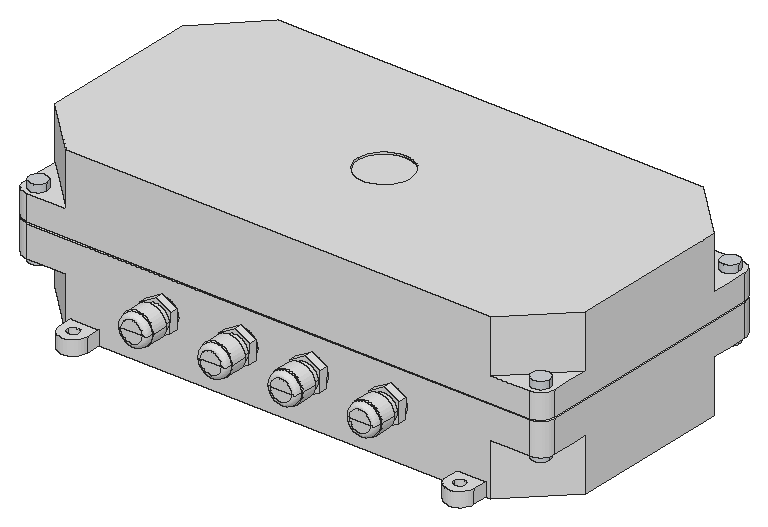
Revit family "KOROBKA SOEDINITELNAYa KVSK «SEVER»", category Датчики, Revit 2023
Family settings
  Размер круглого соединителя = Использовать диаметр
  Тип детали = Нормальный
  Номер OmniClass = 23.85.50.17
  Заголовок OmniClass = Communication and Data Processing Equipment
  На основе рабочей плоскости = Нет
  Всегда вертикально = Да
  При загрузке вырезать с полостями = Нет
  Сохранять ориентацию аннотаций = Нет
  Общий = Нет
  Точка принадлежности помещению = Нет
Parameters (values of type "Коробка соединительная КВСК "СЕВЕР"")
  Степень защиты оболочки = "IP66/IP67"
  Срок службы = "не менее 10 лет"
  Присоединительные размеры (ширина) = 168 mm
  Присоединительные размеры (длина) = 220 mm
  Переходное сопротивление двух контактов = "не более 0,3"
  Отметка по умолчанию = 0 mm
  Описание = "Коробка соединительная предназначена для соединения (разветвления) сигнальных кабелей, например в шлейфах пожарной или охранно-пожарной сигнализации, линиях связи и телекоммуникаций, цепях систем управления и автоматики, а также подключения в шлейфы оконечных устройств и т. п."
  Кабельные вводы = yes
  Изготовитель = [ADSK_Завод-изготовитель]  # "ООО НПП «МАГНИТО-КОНТАКТ»"
  Диапазон рабочих температур = "от -65 до +70"
  URL = "https://m-kontakt.ru/produkt/kommutacyonnye/kvsk"
  ADSK_Размер_Ширина = 197.048 mm
  ADSK_Размер_Длина = 302 mm
  ADSK_Размер_Высота = 93 mm
  ADSK_Примечание = "Коробка имеет защиту от вскрытия с выводом контактов датчика на отдельный клеммник."
  ADSK_Обозначение = "ПАШК.685552.002 ТУ"
  ADSK_Наименование краткое = "КВСК"
  ADSK_Наименование = "Коробка соединительная КВСК \"СЕВЕР\""
  ADSK_Материал = Пластик белый
  ADSK_Масса = 1.2
  ADSK_Завод-изготовитель = "ООО НПП «МАГНИТО-КОНТАКТ»"  # constant formula
  ADSK_Единица измерения = "шт."  # constant formula
Reference planes
  plane 1 "По центру (Вперед/Назад)": y = 0
  plane 2: z = 0
  plane 3 "По центру (Влево/Вправо)": x = 0
Forms (mm)
  Extrusion 1, solid, material "Пластик белый" <- "ADSK_Материал"
    sketch origin (0, 0, 0) x (1, 0, 0) y (0, 1, 0)
      loop
        line (143, 75.5) -> (0, 75.5) -> (-142.963, 75.5)
        arc (-142.963, 75.5) -> (-148.646, 73.146) -> (-151, 67.463) r 8.037
        line (-151, 67.463) -> (-151, 0) -> (-151, -67.5)
        arc (-151, -67.5) -> (-148.657, -73.157) -> (-143, -75.5) r 8
        line (-143, -75.5) -> (143, -75.5)
        arc (143, -75.5) -> (148.657, -73.157) -> (151, -67.5) r 8
        line (151, -67.5) -> (151, 67.5)
        arc (151, 67.5) -> (148.657, 73.157) -> (143, 75.5) r 8
    from 0 to 93
  Extrusion 2, void
    sketch origin (0, 0, 0) x (1, 0, 0) y (0, 1, 0)
      loop
        line (-151, 67.463) -> (-151, 55.451) -> (-151, 45.463) -> (-120.963, 75.5) -> (-130.951, 75.5) -> (-142.963, 75.5) -> (-151, 75.5) -> (-151, 67.463)
      loop
        line (-151, -67.463) -> (-151, -75.5) -> (-142.963, -75.5) -> (-130.951, -75.5) -> (-120.951, -75.5) -> (-151, -45.451) -> (-151, -55.451) -> (-151, -67.463)
      loop
        line (151, 67.463) -> (151, 75.5) -> (142.963, 75.5) -> (130.951, 75.5) -> (120.963, 75.5) -> (151, 45.463) -> (151, 55.451) -> (151, 67.463)
      loop
        line (151, -67.463) -> (151, -55.451) -> (151, -45.463) -> (120.963, -75.5) -> (130.951, -75.5) -> (142.963, -75.5) -> (151, -75.5) -> (151, -67.463)
    from 0 to 30
  Extrusion 3, void
    sketch origin (0, 0, 93) x (0, 1, 0) y (1, 0, 0)
      loop
        line (75.5, -142.963) -> (75.5, -130.963) -> (75.5, -120.963) -> (45.463, -151) -> (55.463, -151) -> (67.463, -151) -> (75.5, -151) -> (75.5, -142.963)
      loop
        line (-75.5, -142.963) -> (-75.5, -151) -> (-67.463, -151) -> (-55.463, -151) -> (-45.463, -151) -> (-75.5, -120.963) -> (-75.5, -130.963) -> (-75.5, -142.963)
      loop
        line (75.5, 142.963) -> (75.5, 151) -> (67.463, 151) -> (55.463, 151) -> (45.463, 151) -> (75.5, 120.963) -> (75.5, 130.963) -> (75.5, 142.963)
      loop
        line (-75.5, 142.963) -> (-75.5, 130.963) -> (-75.5, 120.963) -> (-45.463, 151) -> (-55.463, 151) -> (-67.463, 151) -> (-75.5, 151) -> (-75.5, 142.963)
    from 0 to 30
  Extrusion 4, void
    sketch origin (0, 0, 0) x (1, 0, 0) y (0, 1, 0)
      loop
        arc (-142.963, 75.5) -> (-148.646, 73.146) -> (-151, 67.463) r 8.037
        line (-151, 67.463) -> (-151, -67.5)
        arc (-151, -67.5) -> (-148.657, -73.157) -> (-143, -75.5) r 8
        line (-143, -75.5) -> (143, -75.5)
        arc (143, -75.5) -> (148.657, -73.157) -> (151, -67.5) r 8
        line (151, -67.5) -> (151, 67.5)
        arc (151, 67.5) -> (148.657, 73.157) -> (143, 75.5) r 8
        line (143, 75.5) -> (-142.963, 75.5)
      loop
        arc (-134.926, 67.463) -> (-140.609, 65.109) -> (-142.963, 59.426) r 8.037
        line (-142.963, 59.426) -> (-142.963, -59.5)
        arc (-142.963, -59.5) -> (-140.62, -65.157) -> (-134.963, -67.5) r 8
        line (-134.963, -67.5) -> (135, -67.5)
        arc (135, -67.5) -> (140.657, -65.157) -> (143, -59.5) r 8
        line (143, -59.5) -> (143, 59.463)
        arc (143, 59.463) -> (140.657, 65.12) -> (135, 67.463) r 8
        line (135, 67.463) -> (-134.926, 67.463)
    from 48 to 49
  Revolve 5, solid, material "Пластик белый" <- "ADSK_Материал", visible <- "Кабельные вводы"
    sketch origin (-65, -45.5, 30) x (1, 0, 0) y (0, 1, 0)
      loop
        line (0, -36.066) -> (-7.501, -36.066) -> (-7.501, -40.032) -> (-9.03, -40.032) -> (-9.03, -48.829) -> (-8.572, -49.466)
        spline (-8.572, -49.466) -> (-8.555, -50.03) -> (-8.503, -50.546) -> (-8.415, -51.012) -> (-8.293, -51.429) -> (-8.136, -51.797) -> (-7.944, -52.116) -> (-7.717, -52.386) -> (-7.455, -52.607) -> (-7.158, -52.779) -> (-6.826, -52.902) -> (-6.46, -52.975) -> (-6.058, -53)
        line (-6.058, -53) -> (0, -53) -> (0, -36.066)
      loop
        line (0, -31.403) -> (0, -30) -> (-8.2, -30) -> (-8.2, -31.403) -> (0, -31.403)
      axis (0, -30) -> (0, -53)
    angle from 0 to 360
  Extrusion 6, solid, material "Пластик белый" <- "ADSK_Материал", visible <- "Кабельные вводы"
    sketch origin (-65, -45.5, 17.188) x (1, 0, 0) y (0, 0, -1)
      loop
        line (0, -2.601) -> (-8.515, -7.296) -> (-8.811, -17.9) -> (0, -22.987) -> (8.536, -18.35) -> (8.375, -7.436) -> (0, -2.601)
    from -36.066 to -31.403
  Revolve 7, solid, material "Пластик белый" <- "ADSK_Материал", visible <- "Кабельные вводы"
    sketch origin (-20, -45.5, 30) x (1, 0, 0) y (0, 1, 0)
      loop
        line (0, -36.066) -> (-7.501, -36.066) -> (-7.501, -40.032) -> (-9.03, -40.032) -> (-9.03, -48.829) -> (-8.572, -49.466)
        spline (-8.572, -49.466) -> (-8.555, -50.03) -> (-8.503, -50.546) -> (-8.415, -51.012) -> (-8.293, -51.429) -> (-8.136, -51.797) -> (-7.944, -52.116) -> (-7.717, -52.386) -> (-7.455, -52.607) -> (-7.158, -52.779) -> (-6.826, -52.902) -> (-6.46, -52.975) -> (-6.058, -53)
        line (-6.058, -53) -> (0, -53) -> (0, -36.066)
      loop
        line (0, -31.403) -> (0, -30) -> (-8.2, -30) -> (-8.2, -31.403) -> (0, -31.403)
      axis (0, -30) -> (0, -53)
    angle from 0 to 360
  Extrusion 8, solid, material "Пластик белый" <- "ADSK_Материал", visible <- "Кабельные вводы"
    sketch origin (-20, -45.5, 17.188) x (1, 0, 0) y (0, 0, -1)
      loop
        line (0, -2.601) -> (-8.515, -7.296) -> (-8.811, -17.9) -> (0, -22.987) -> (8.536, -18.35) -> (8.375, -7.436) -> (0, -2.601)
    from -36.066 to -31.403
  Revolve 9, solid, material "Пластик белый" <- "ADSK_Материал", visible <- "Кабельные вводы"
    sketch origin (20, -45.5, 30) x (1, 0, 0) y (0, 1, 0)
      loop
        line (0, -36.066) -> (-7.501, -36.066) -> (-7.501, -40.032) -> (-9.03, -40.032) -> (-9.03, -48.829) -> (-8.572, -49.466)
        spline (-8.572, -49.466) -> (-8.555, -50.03) -> (-8.503, -50.546) -> (-8.415, -51.012) -> (-8.293, -51.429) -> (-8.136, -51.797) -> (-7.944, -52.116) -> (-7.717, -52.386) -> (-7.455, -52.607) -> (-7.158, -52.779) -> (-6.826, -52.902) -> (-6.46, -52.975) -> (-6.058, -53)
        line (-6.058, -53) -> (0, -53) -> (0, -36.066)
      loop
        line (0, -31.403) -> (0, -30) -> (-8.2, -30) -> (-8.2, -31.403) -> (0, -31.403)
      axis (0, -30) -> (0, -53)
    angle from 0 to 360
  Extrusion 10, solid, material "Пластик белый" <- "ADSK_Материал", visible <- "Кабельные вводы"
    sketch origin (20, -45.5, 17.188) x (1, 0, 0) y (0, 0, -1)
      loop
        line (0, -2.601) -> (-8.515, -7.296) -> (-8.811, -17.9) -> (0, -22.987) -> (8.536, -18.35) -> (8.375, -7.436) -> (0, -2.601)
    from -36.066 to -31.403
  Revolve 11, solid, material "Пластик белый" <- "ADSK_Материал", visible <- "Кабельные вводы"
    sketch origin (65, -45.5, 30) x (1, 0, 0) y (0, 1, 0)
      loop
        line (0, -36.066) -> (-7.501, -36.066) -> (-7.501, -40.032) -> (-9.03, -40.032) -> (-9.03, -48.829) -> (-8.572, -49.466)
        spline (-8.572, -49.466) -> (-8.555, -50.03) -> (-8.503, -50.546) -> (-8.415, -51.012) -> (-8.293, -51.429) -> (-8.136, -51.797) -> (-7.944, -52.116) -> (-7.717, -52.386) -> (-7.455, -52.607) -> (-7.158, -52.779) -> (-6.826, -52.902) -> (-6.46, -52.975) -> (-6.058, -53)
        line (-6.058, -53) -> (0, -53) -> (0, -36.066)
      loop
        line (0, -31.403) -> (0, -30) -> (-8.2, -30) -> (-8.2, -31.403) -> (0, -31.403)
      axis (0, -30) -> (0, -53)
    angle from 0 to 360
  Extrusion 12, solid, material "Пластик белый" <- "ADSK_Материал", visible <- "Кабельные вводы"
    sketch origin (65, -45.5, 17.188) x (1, 0, 0) y (0, 0, -1)
      loop
        line (0, -2.601) -> (-8.515, -7.296) -> (-8.811, -17.9) -> (0, -22.987) -> (8.536, -18.35) -> (8.375, -7.436) -> (0, -2.601)
    from -36.066 to -31.403
  Revolve 13, solid, material "Пластик белый" <- "ADSK_Материал", visible <- "Кабельные вводы"
    sketch origin (-65, 45.5, 30) x (1, 0, 0) y (0, 1, 0)
      loop
        line (0, 36.066) -> (0, 53) -> (-6.058, 53)
        spline (-6.058, 53) -> (-6.46, 52.975) -> (-6.826, 52.902) -> (-7.158, 52.779) -> (-7.455, 52.607) -> (-7.717, 52.386) -> (-7.944, 52.116) -> (-8.136, 51.797) -> (-8.293, 51.429) -> (-8.415, 51.012) -> (-8.503, 50.546) -> (-8.555, 50.03) -> (-8.572, 49.466)
        line (-8.572, 49.466) -> (-9.03, 48.829) -> (-9.03, 40.032) -> (-7.501, 40.032) -> (-7.501, 36.066) -> (0, 36.066)
      loop
        line (0, 31.403) -> (-8.2, 31.403) -> (-8.2, 30) -> (0, 30) -> (0, 31.403)
      axis (0, 30) -> (0, 53)
    angle from 0 to 360
  Extrusion 14, solid, material "Пластик белый" <- "ADSK_Материал", visible <- "Кабельные вводы"
    sketch origin (-65, 45.5, 17.187) x (1, 0, 0) y (0, 0, 1)
      loop
        line (0, 2.601) -> (8.375, 7.436) -> (8.536, 18.35) -> (0, 22.987) -> (-8.811, 17.9) -> (-8.515, 7.296) -> (0, 2.601)
    from -36.066 to -31.403
  Revolve 15, solid, material "Пластик белый" <- "ADSK_Материал", visible <- "Кабельные вводы"
    sketch origin (-20, 45.5, 30) x (1, 0, 0) y (0, 1, 0)
      loop
        line (0, 36.066) -> (0, 53) -> (-6.058, 53)
        spline (-6.058, 53) -> (-6.46, 52.975) -> (-6.826, 52.902) -> (-7.158, 52.779) -> (-7.455, 52.607) -> (-7.717, 52.386) -> (-7.944, 52.116) -> (-8.136, 51.797) -> (-8.293, 51.429) -> (-8.415, 51.012) -> (-8.503, 50.546) -> (-8.555, 50.03) -> (-8.572, 49.466)
        line (-8.572, 49.466) -> (-9.03, 48.829) -> (-9.03, 40.032) -> (-7.501, 40.032) -> (-7.501, 36.066) -> (0, 36.066)
      loop
        line (0, 31.403) -> (-8.2, 31.403) -> (-8.2, 30) -> (0, 30) -> (0, 31.403)
      axis (0, 30) -> (0, 53)
    angle from 0 to 360
  Extrusion 16, solid, material "Пластик белый" <- "ADSK_Материал", visible <- "Кабельные вводы"
    sketch origin (-20, 45.5, 17.188) x (1, 0, 0) y (0, 0, 1)
      loop
        line (0, 2.601) -> (8.375, 7.436) -> (8.536, 18.35) -> (0, 22.987) -> (-8.811, 17.9) -> (-8.515, 7.296) -> (0, 2.601)
    from -36.066 to -31.403
  Revolve 17, solid, material "Пластик белый" <- "ADSK_Материал", visible <- "Кабельные вводы"
    sketch origin (20, 45.5, 30) x (1, 0, 0) y (0, 1, 0)
      loop
        line (0, 36.066) -> (0, 53) -> (-6.058, 53)
        spline (-6.058, 53) -> (-6.46, 52.975) -> (-6.826, 52.902) -> (-7.158, 52.779) -> (-7.455, 52.607) -> (-7.717, 52.386) -> (-7.944, 52.116) -> (-8.136, 51.797) -> (-8.293, 51.429) -> (-8.415, 51.012) -> (-8.503, 50.546) -> (-8.555, 50.03) -> (-8.572, 49.466)
        line (-8.572, 49.466) -> (-9.03, 48.829) -> (-9.03, 40.032) -> (-7.501, 40.032) -> (-7.501, 36.066) -> (0, 36.066)
      loop
        line (0, 31.403) -> (-8.2, 31.403) -> (-8.2, 30) -> (0, 30) -> (0, 31.403)
      axis (0, 30) -> (0, 53)
    angle from 0 to 360
  Extrusion 18, solid, material "Пластик белый" <- "ADSK_Материал", visible <- "Кабельные вводы"
    sketch origin (20, 45.5, 17.187) x (1, 0, 0) y (0, 0, 1)
      loop
        line (0, 2.601) -> (8.375, 7.436) -> (8.536, 18.35) -> (0, 22.987) -> (-8.811, 17.9) -> (-8.515, 7.296) -> (0, 2.601)
    from -36.066 to -31.403
  Revolve 19, solid, material "Пластик белый" <- "ADSK_Материал", visible <- "Кабельные вводы"
    sketch origin (65, 45.5, 30) x (1, 0, 0) y (0, 1, 0)
      loop
        line (0, 36.066) -> (0, 53) -> (-6.058, 53)
        spline (-6.058, 53) -> (-6.46, 52.975) -> (-6.826, 52.902) -> (-7.158, 52.779) -> (-7.455, 52.607) -> (-7.717, 52.386) -> (-7.944, 52.116) -> (-8.136, 51.797) -> (-8.293, 51.429) -> (-8.415, 51.012) -> (-8.503, 50.546) -> (-8.555, 50.03) -> (-8.572, 49.466)
        line (-8.572, 49.466) -> (-9.03, 48.829) -> (-9.03, 40.032) -> (-7.501, 40.032) -> (-7.501, 36.066) -> (0, 36.066)
      loop
        line (0, 31.403) -> (-8.2, 31.403) -> (-8.2, 30) -> (0, 30) -> (0, 31.403)
      axis (0, 30) -> (0, 53)
    angle from 0 to 360
  Extrusion 20, solid, material "Пластик белый" <- "ADSK_Материал", visible <- "Кабельные вводы"
    sketch origin (65, 45.5, 17.187) x (1, 0, 0) y (0, 0, 1)
      loop
        line (0, 2.601) -> (8.375, 7.436) -> (8.536, 18.35) -> (0, 22.987) -> (-8.811, 17.9) -> (-8.515, 7.296) -> (0, 2.601)
    from -36.066 to -31.403
  Extrusion 21, solid, material "Пластик белый" <- "ADSK_Материал"
    sketch origin (0, 0, 0) x (1, 0, 0) y (0, 1, 0)
      loop
        line (110, 75.5) -> (118, 75.5) -> (118, 83.5)
        arc (118, 83.5) -> (110, 91.5) -> (102, 83.5) r 8
        line (102, 83.5) -> (102, 75.5) -> (110, 75.5)
      loop
        line (-110, 75.5) -> (-102, 75.5) -> (-102, 83.5)
        arc (-102, 83.5) -> (-110, 91.5) -> (-118, 83.5) r 8
        line (-118, 83.5) -> (-118, 75.5) -> (-110, 75.5)
      loop
        line (110, -75.5) -> (102, -75.5) -> (102, -83.5)
        arc (102, -83.5) -> (110, -91.5) -> (118, -83.5) r 8
        line (118, -83.5) -> (118, -75.5) -> (110, -75.5)
      loop
        line (-110, -75.5) -> (-118, -75.5) -> (-118, -83.5)
        arc (-118, -83.5) -> (-110, -91.5) -> (-102, -83.5) r 8
        line (-102, -83.5) -> (-102, -75.5) -> (-110, -75.5)
    from 0 to 8
  Extrusion 22, void
    sketch origin (0, 0, 0) x (1, 0, 0) y (0, 1, 0)
      loop
        circle (110, 83.587) r 3.3
      loop
        circle (-110, 83.587) r 3.3
      loop
        circle (110, -83.587) r 3.3
      loop
        circle (-110, -83.587) r 3.3
    from 0 to 8
  Extrusion 23, void
    sketch origin (0, 0, 0) x (1, 0, 0) y (0, 1, 0)
      loop
        circle (0, 0) r 15
    from 92 to 93
  Extrusion 24, solid
    sketch origin (0, 0, 0) x (1, 0, 0) y (0, 1, 0)
      loop
        circle (143, 67.5) r 5
      loop
        circle (143, -67.5) r 5
      loop
        circle (-143, -67.5) r 5
      loop
        circle (-142.989, 67.489) r 5
    from 63 to 67
  Extrusion 25, solid
    sketch origin (0, 0, 0) x (1, 0, 0) y (0, 1, 0)
      loop
        circle (143, 67.5) r 5
      loop
        circle (143, -67.5) r 5
      loop
        circle (-143, -67.5) r 5
      loop
        circle (-142.989, 67.489) r 5
    from 26 to 30
Cuts and joins
  Extrusion 2, Extrusion 3, Extrusion 4, Extrusion 23 cuts Extrusion 1
  Extrusion 22 cuts Extrusion 21
Dimensions and locks
  aligned and locked: level to plane 2
Connectors
  electrical at (0, 0, 0)
    settings: index 1, voltage 0 V, apparent load 0 VA, apparent load phase1 0 VA, apparent load phase2 0 VA, apparent load phase3 0 VA, power factor 1, load classification "Прочее", number of poles 1, system type 10, power factor state 1, is connector primary yes, connector utility no, sub classification motor no, connector description ""
